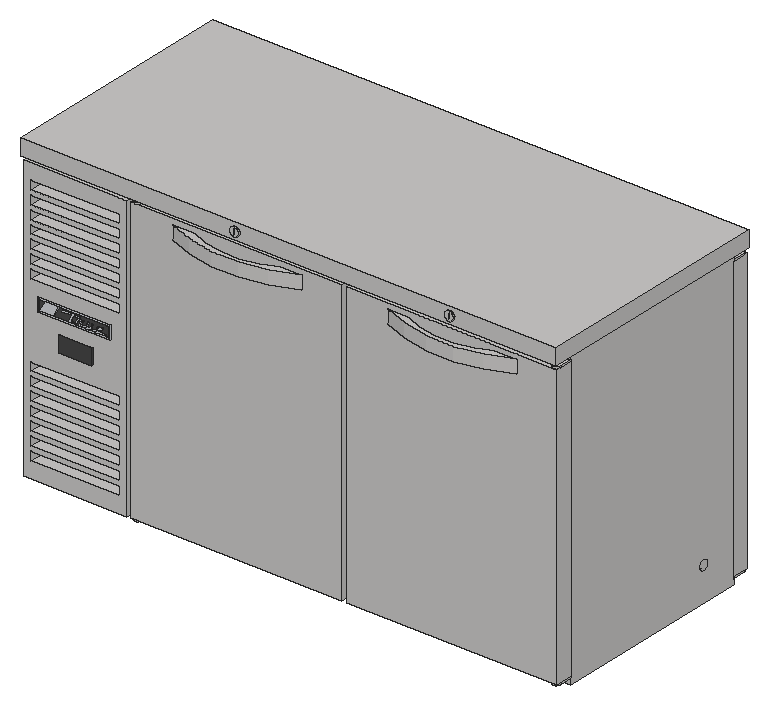
Revit family "QF_TRUE_TBR60-PTSZ1-L-B-SS-SS-1", category Specialty Equipment, Revit 2016
Family settings
  Part Type = Normal
  Round Connector Dimension = Use Diameter
  Work Plane-Based = No
  Always vertical = Yes
  Cut with Voids When Loaded = No
  Shared = No
  Room Calculation Point = No
Parameters
  Weight in Pounds = 0
  Watts = if(Phase = 3, Volts * FL Amps * 1.73, Volts * FL Amps)  # 0 W
  Waste Water Discharge Temperature = 0 °F
  Volts = 0 V
  URL Cutsheet = ""
  Steam Supply Volume = 0 GPM
  Steam Supply Size = 0"
  Steam Supply RI Height = 0"
  Steam Supply Minimum Pressure = 0.00 psi
  Steam Supply Maximum Pressure = 0.00 psi
  Steam Supply Connection Height = 0"
  Specification by User = ""
  Specification by Manufacturer = ""
  Show Logo [instance] = yes
  Show Clearance [instance] = yes
  Serial Number = ""
  Seismic Rating = ""
  SMACNA No = ""
  Revision Code = ""
  Plumbing Remarks = ""
  Plumbing Connection Type = ""
  Phase = 1
  Number of Poles = 1
  NAFEM Spec ID Number = ""
  Model = "TBR60-PTSZ1-L-B-SS-SS-1"
  Min Ckt Ampacity = 0 A
  Mechanical Remarks = ""
  Mechanical Connection Type = ""
  Max Overcurrent Protection = 0 A
  Masterspec = ""
  Manufacturer = "TRUE"
  Length = 60"
  Item Number = ""
  Installed By = ""
  Indirect Waste Size = 1/2"
  Indirect Waste Flow = 0 GPM
  Indirect Waste Connection Type = ""
  Indirect Waste Connection Height = 0"
  Identify Quantity as Lot = yes
  Height = 34 11/16"
  HP = "0"
  Furnished By = ""
  Foodservice Equipment Identifier = yes
  FL Amps = 0 A
  Electrical Remarks = ""
  Electric Connection Type = ""
  Elec Conn RI Height = 0"
  Elec Conn Connection Height = 0"
  Description = "REACH-IN SINGLE REFRIGERATOR"
  Depth = 30"
  Cycle = 0 Hz
  Conn Plug = ""
  Conn Conduit = yes
  Condensate Return Size = 1/2"
  Condensate Return RI Height = 0"
  Condensate Return Connection Height = 0"
  CSI MasterFormat = ""
  Apparent Power = if(Phase = 3, Volts * FL Amps * 1.73, Volts * FL Amps)  # 0 VA
Reference planes (in)
  plane 1 "BACK": y = 0
  plane 2: z = 0
  plane 3 "LEFT": x = 0
  plane 4 "RIGHT": x = 60
  plane 5 "FRONT": y = -30
  plane 6 "TOP": z = 34.6875
  plane 7 "Center Y": x = 30
  plane 8 "Center X": y = -15
  plane 9: z = 0.78125
  plane 10: z = 32.46875
  plane 11: y = 21.1875
  plane 12: y = -28.46875
  plane 13: y = -51.1875
  plane 14: x = 24.0625
Forms (in)
  Extrusion 1, solid, material "QF_Metal - Stainless - Polished"
    sketch origin (0, -3.60936, 0) x (0, 1, 0) y (0, 0, 1)
      loop
        line (-24.85939, 34.6875) -> (-24.85939, 32.9375) -> (2.07811, 32.9375) -> (2.07811, 34.6875) -> (-24.85939, 34.6875)
    from 0 to 60
  Extrusion 2, solid, material "QF_Plastic - Black - Transparent"
    sketch origin (0.04324, -28.28125, 0) x (1, 0, 0) y (0, 0, 1)
      loop
        line (4.20676, 16.37472) -> (4.20676, 14.62472) -> (7.87863, 14.62472) -> (7.87863, 16.37472) -> (4.20676, 16.37472)
    from 0 to 0.125
  Extrusion 3, solid, material "QF_Metal - Stainless - Polished"
    sketch origin (0, -7.21873, 0) x (1, 0, 0) y (0, 1, 0)
      loop
        circle (16.75, -1.34377) r 0.5
      loop
        circle (52.25, -0.71877) r 0.5
    from 0 to 0.125
  Extrusion 4, solid, material "QF_Metal - Stainless - Polished"
    sketch origin (60, -3.60936, 0) x (0, 0, 1) y (0, -1, 0)
      loop
        circle (3.9375, 4.32814) r 0.5
    from 0 to 0.125
  Extrusion 5, solid, material "QF_Metal - Stainless - Polished"
    sketch origin (31.25, -26.38176, 32.46875) x (1, 0, 0) y (0, 1, 0)
      loop
        arc (-19, -1.45442) -> (-18.62072, -1.8946) -> (-18.12932, -1.58454) r 0.44506
        line (-18.12932, -1.58454) -> (-17.64487, 0) -> (-19, 0) -> (-19, -1.45442)
    from 0 to 0.125
  Extrusion 6, solid, material "QF_Metal - Stainless - Polished"
    sketch origin (48.25, -26.38176, 0.78125) x (0, 1, 0) y (1, 0, 0)
      loop
        line (-1.45442, -36) -> (0, -36) -> (0, -34.64487) -> (-1.58454, -35.12932)
        arc (-1.58454, -35.12932) -> (-1.8946, -35.62072) -> (-1.45442, -36) r 0.44506
    from 0 to 0.125
  Extrusion 7, solid, material "QF_Metal - Stainless - Polished"
    sketch origin (41, -26.38176, 32.46875) x (-1, 0, 0) y (0, -1, 0)
      loop
        line (-19, 1.45442) -> (-19, 0) -> (-17.64487, 0) -> (-18.12932, 1.58454)
        arc (-18.12932, 1.58454) -> (-18.62072, 1.8946) -> (-19, 1.45442) r 0.44506
    from 0 to 0.125
  Extrusion 8, solid, material "QF_Metal - Stainless - Polished"
    sketch origin (24, -26.38176, 0.78125) x (0, -1, 0) y (-1, 0, 0)
      loop
        arc (1.45442, -36) -> (1.8946, -35.62072) -> (1.58454, -35.12932) r 0.44506
        line (1.58454, -35.12932) -> (0, -34.64487) -> (0, -36) -> (1.45442, -36)
    from 0 to 0.125
  Extrusion 9, solid, material "QF_Metal - Stainless - Polished"
    sketch origin (0, -26.39063, 0.03125) x (1, 0, 0) y (0, 0, 1)
      loop
        line (12.25, 0.75) -> (35.875, 0.75) -> (35.875, 32.4375) -> (12.25, 32.4375) -> (12.25, 0.75)
      loop
        line (60, 0.75) -> (60, 32.4375) -> (36.375, 32.4375) -> (36.375, 0.75) -> (60, 0.75)
    from -0.01563 to 1.89062
  Extrusion 10, solid, material "QF_Door-Drawer Clearances", visible <- "Show Clearance", detail levels coarse
    sketch origin (48.375, -26.35936, 0.8125) x (0, 1, 0) y (1, 0, 0)
      loop
        line (-1.92189, 11.625) -> (-24.82814, 11.625)
        arc (-24.82814, 11.625) -> (-18.1487, -4.81596) -> (-1.92189, -12) r 23.68133
        line (-1.92189, -12) -> (-1.92189, 11.625)
      loop
        line (-1.92189, -36.125) -> (-1.92189, -12.5)
        arc (-1.92189, -12.5) -> (-18.1487, -19.68404) -> (-24.82814, -36.125) r 23.68133
        line (-24.82814, -36.125) -> (-1.92189, -36.125)
    from 0.03125 to -31.65625
  Extrusion 11, solid, material "QF_Metal - Stainless - Polished"
    sketch origin (29.40625, -26.35936, 32.5) x (-1, 0, 0) y (0, -1, 0)
      loop
        arc (12.48111, 1.92189) -> (5.25, 3.64064) -> (-1.98111, 1.92189) r 16.0707
        line (-1.98111, 1.92189) -> (0.28781, 1.92189)
        arc (0.28781, 1.92189) -> (5.25, 3.15287) -> (10.21219, 1.92189) r 10.61701
        line (10.21219, 1.92189) -> (12.48111, 1.92189)
    from -2.11784 to -0.60631
  Extrusion 12, solid, material "QF_Metal - Stainless - Polished"
    sketch origin (53.46875, -26.35936, 32.5) x (-1, 0, 0) y (0, -1, 0)
      loop
        arc (12.48111, 1.92189) -> (5.25, 3.64063) -> (-1.98111, 1.92189) r 16.07078
        line (-1.98111, 1.92189) -> (0.28781, 1.92189)
        arc (0.28781, 1.92189) -> (5.25, 3.15287) -> (10.21219, 1.92189) r 10.61701
        line (10.21219, 1.92189) -> (12.48111, 1.92189)
    from -2.11784 to -0.60631
  Extrusion 13, solid, material "QF_Metal - Stainless - Polished"
    sketch origin (0, -26.39063, 0) x (1, 0, 0) y (0, 0, 1)
      loop
        line (0.20313, 0.78125) -> (11.79688, 0.78125) -> (11.79688, 32.46875) -> (0.20313, 32.46875) -> (0.20313, 0.78125)
      loop
        line (1.03906, 30.81709) -> (1.03906, 29.81709) -> (10.96094, 29.81709) -> (10.96094, 30.81709) -> (1.03906, 30.81709)
      loop
        line (1.03906, 29.31709) -> (1.03906, 28.31709) -> (10.96094, 28.31709) -> (10.96094, 29.31709) -> (1.03906, 29.31709)
      loop
        line (1.03906, 27.81709) -> (1.03906, 26.81709) -> (10.96094, 26.81709) -> (10.96094, 27.81709) -> (1.03906, 27.81709)
      loop
        line (1.03906, 26.31709) -> (1.03906, 25.31709) -> (10.96094, 25.31709) -> (10.96094, 26.31709) -> (1.03906, 26.31709)
      loop
        line (1.03906, 24.81709) -> (1.03906, 23.81709) -> (10.96094, 23.81709) -> (10.96094, 24.81709) -> (1.03906, 24.81709)
      loop
        line (1.03906, 21.81709) -> (1.03906, 20.81709) -> (10.96094, 20.81709) -> (10.96094, 21.81709) -> (1.03906, 21.81709)
      loop
        line (1.03906, 23.31709) -> (1.03906, 22.31709) -> (10.96094, 22.31709) -> (10.96094, 23.31709) -> (1.03906, 23.31709)
      loop
        line (1.03906, 12.56709) -> (1.03906, 11.56709) -> (10.96094, 11.56709) -> (10.96094, 12.56709) -> (1.03906, 12.56709)
      loop
        line (1.03906, 11.06709) -> (1.03906, 10.06709) -> (10.96094, 10.06709) -> (10.96094, 11.06709) -> (1.03906, 11.06709)
      loop
        line (1.03906, 9.56709) -> (1.03906, 8.56709) -> (10.96094, 8.56709) -> (10.96094, 9.56709) -> (1.03906, 9.56709)
      loop
        line (1.03906, 8.06709) -> (1.03906, 7.06709) -> (10.96094, 7.06709) -> (10.96094, 8.06709) -> (1.03906, 8.06709)
      loop
        line (1.03906, 6.56709) -> (1.03906, 5.56709) -> (10.96094, 5.56709) -> (10.96094, 6.56709) -> (1.03906, 6.56709)
      loop
        line (1.03906, 3.56709) -> (1.03906, 2.56709) -> (10.96094, 2.56709) -> (10.96094, 3.56709) -> (1.03906, 3.56709)
      loop
        line (1.03906, 5.06709) -> (1.03906, 4.06709) -> (10.96094, 4.06709) -> (10.96094, 5.06709) -> (1.03906, 5.06709)
    from -0.01563 to 1.89062
  Extrusion 14, solid, material "QF_Metal - Stainless - Polished"
    sketch origin (0, -3.59374, 0) x (1, 0, 0) y (0, 0, 1)
      loop
        line (59, 0.78125) -> (59, 32.46875) -> (12.25, 32.46875) -> (12.25, 0.78125) -> (59, 0.78125)
      loop
        line (60, 32.9375) -> (0, 32.9375) -> (0, 0) -> (60, 0) -> (60, 32.9375)
    from 0.03126 to 22.78126
  Extrusion 15, solid, material "QF_Metal - Stainless - Polished"
    sketch origin (31.25, -3.61824, 32.46875) x (1, 0, 0) y (0, 1, 0)
      loop
        line (-19, 1.45442) -> (-19, 0) -> (-17.64487, 0) -> (-18.12932, 1.58454)
        arc (-18.12932, 1.58454) -> (-18.62072, 1.8946) -> (-19, 1.45442) r 0.44506
    from 0 to 0.125
  Extrusion 16, solid, material "QF_Metal - Stainless - Polished"
    sketch origin (48.25, -3.61824, 0.78125) x (0, 1, 0) y (1, 0, 0)
      loop
        arc (1.45442, -36) -> (1.8946, -35.62072) -> (1.58454, -35.12932) r 0.44506
        line (1.58454, -35.12932) -> (0, -34.64487) -> (0, -36) -> (1.45442, -36)
    from 0 to 0.125
  Extrusion 17, solid, material "QF_Metal - Stainless - Polished"
    sketch origin (41, -3.61824, 32.46875) x (-1, 0, 0) y (0, -1, 0)
      loop
        arc (-19, -1.45442) -> (-18.62072, -1.8946) -> (-18.12932, -1.58454) r 0.44506
        line (-18.12932, -1.58454) -> (-17.64487, 0) -> (-19, 0) -> (-19, -1.45442)
    from 0 to 0.125
  Extrusion 18, solid, material "QF_Metal - Stainless - Polished"
    sketch origin (24, -3.61824, 0.78125) x (0, -1, 0) y (-1, 0, 0)
      loop
        line (-1.45442, -36) -> (0, -36) -> (0, -34.64487) -> (-1.58454, -35.12932)
        arc (-1.58454, -35.12932) -> (-1.8946, -35.62072) -> (-1.45442, -36) r 0.44506
    from 0 to 0.125
  Extrusion 19, solid, material "QF_Metal - Stainless - Polished"
    sketch origin (0, -3.60937, 0.03125) x (1, 0, 0) y (0, 0, -1)
      loop
        line (12.25, -0.75) -> (12.25, -32.4375) -> (35.875, -32.4375) -> (35.875, -0.75) -> (12.25, -0.75)
      loop
        line (60, -0.75) -> (36.375, -0.75) -> (36.375, -32.4375) -> (60, -32.4375) -> (60, -0.75)
    from -0.01563 to 1.89062
  Extrusion 20, solid, material "QF_Metal - Stainless - Polished"
    sketch origin (29.40625, -3.64064, 32.5) x (-1, 0, 0) y (0, -1, 0)
      loop
        line (12.48111, -1.92189) -> (10.21219, -1.92189)
        arc (10.21219, -1.92189) -> (5.25, -3.15287) -> (0.28781, -1.92189) r 10.61701
        line (0.28781, -1.92189) -> (-1.98111, -1.92189)
        arc (-1.98111, -1.92189) -> (5.25, -3.64064) -> (12.48111, -1.92189) r 16.0707
    from -2.11784 to -0.60631
  Extrusion 21, solid, material "QF_Metal - Stainless - Polished"
    sketch origin (53.46875, -3.64064, 32.5) x (-1, 0, 0) y (0, -1, 0)
      loop
        line (12.48111, -1.92189) -> (10.21219, -1.92189)
        arc (10.21219, -1.92189) -> (5.25, -3.15287) -> (0.28781, -1.92189) r 10.61701
        line (0.28781, -1.92189) -> (-1.98111, -1.92189)
        arc (-1.98111, -1.92189) -> (5.25, -3.64063) -> (12.48111, -1.92189) r 16.07078
    from -2.11784 to -0.60631
  Extrusion 22, solid, material "QF_Metal - Stainless - Polished"
    sketch origin (0, -3.60937, 0) x (1, 0, 0) y (0, 0, -1)
      loop
        line (0.20313, -0.78125) -> (0.20313, -32.46875) -> (11.79688, -32.46875) -> (11.79688, -0.78125) -> (0.20313, -0.78125)
      loop
        line (1.03906, -30.81709) -> (10.96094, -30.81709) -> (10.96094, -29.81709) -> (1.03906, -29.81709) -> (1.03906, -30.81709)
      loop
        line (1.03906, -29.31709) -> (10.96094, -29.31709) -> (10.96094, -28.31709) -> (1.03906, -28.31709) -> (1.03906, -29.31709)
      loop
        line (1.03906, -27.81709) -> (10.96094, -27.81709) -> (10.96094, -26.81709) -> (1.03906, -26.81709) -> (1.03906, -27.81709)
      loop
        line (1.03906, -26.31709) -> (10.96094, -26.31709) -> (10.96094, -25.31709) -> (1.03906, -25.31709) -> (1.03906, -26.31709)
      loop
        line (1.03906, -24.81709) -> (10.96094, -24.81709) -> (10.96094, -23.81709) -> (1.03906, -23.81709) -> (1.03906, -24.81709)
      loop
        line (1.03906, -21.81709) -> (10.96094, -21.81709) -> (10.96094, -20.81709) -> (1.03906, -20.81709) -> (1.03906, -21.81709)
      loop
        line (1.03906, -23.31709) -> (10.96094, -23.31709) -> (10.96094, -22.31709) -> (1.03906, -22.31709) -> (1.03906, -23.31709)
      loop
        line (1.03906, -12.56709) -> (10.96094, -12.56709) -> (10.96094, -11.56709) -> (1.03906, -11.56709) -> (1.03906, -12.56709)
      loop
        line (1.03906, -11.06709) -> (10.96094, -11.06709) -> (10.96094, -10.06709) -> (1.03906, -10.06709) -> (1.03906, -11.06709)
      loop
        line (1.03906, -9.56709) -> (10.96094, -9.56709) -> (10.96094, -8.56709) -> (1.03906, -8.56709) -> (1.03906, -9.56709)
      loop
        line (1.03906, -8.06709) -> (10.96094, -8.06709) -> (10.96094, -7.06709) -> (1.03906, -7.06709) -> (1.03906, -8.06709)
      loop
        line (1.03906, -6.56709) -> (10.96094, -6.56709) -> (10.96094, -5.56709) -> (1.03906, -5.56709) -> (1.03906, -6.56709)
      loop
        line (1.03906, -3.56709) -> (10.96094, -3.56709) -> (10.96094, -2.56709) -> (1.03906, -2.56709) -> (1.03906, -3.56709)
      loop
        line (1.03906, -5.06709) -> (10.96094, -5.06709) -> (10.96094, -4.06709) -> (1.03906, -4.06709) -> (1.03906, -5.06709)
    from -0.01563 to 1.89062
  Extrusion 23, solid, material "QF_Metal - Stainless - Polished"
    sketch origin (0.20313, -3.60937, 0.78125) x (0, -1, 0) y (-1, 0, 0)
      loop
        circle (-0.9375, -5.79688) r 0.25
    from 0 to 0.25
  Extrusion 24, solid, material "QF_Door-Drawer Clearances", visible <- "Show Clearance", detail levels coarse
    sketch origin (48.375, -3.64064, 0.8125) x (0, 1, 0) y (1, 0, 0)
      loop
        line (1.92189, 11.625) -> (1.92189, -12)
        arc (1.92189, -12) -> (18.1487, -4.81596) -> (24.82814, 11.625) r 23.68133
        line (24.82814, 11.625) -> (1.92189, 11.625)
      loop
        line (1.92189, -36.125) -> (24.82814, -36.125)
        arc (24.82814, -36.125) -> (18.1487, -19.68404) -> (1.92189, -12.5) r 23.68133
        line (1.92189, -12.5) -> (1.92189, -36.125)
    from 0.03125 to -31.65625
  Extrusion 25, solid, material "QF_Metal - Stainless - Polished"
    sketch origin (1.875, -28.46875, 34.4375) x (0, 0, 1) y (-1, 0, 0)
      loop
        circle (-0.65572, -22.1875) r 0.5
      loop
        line (-0.32569, -22.12487) -> (-0.96744, -22.12487) -> (-0.96744, -22.26457) -> (-0.32569, -22.26457) -> (-0.32569, -22.12487)
    from 0 to 0.125
  Extrusion 26, solid, material "QF_Metal - Stainless - Polished"
    sketch origin (25.9375, -28.46875, 34.4375) x (0, 0, 1) y (-1, 0, 0)
      loop
        circle (-0.65572, -22.1875) r 0.5
      loop
        line (-0.32569, -22.12487) -> (-0.96744, -22.12487) -> (-0.96744, -22.26457) -> (-0.32569, -22.26457) -> (-0.32569, -22.12487)
    from 0 to 0.125
  Extrusion 27, solid, material "QF_Metal - Stainless - Polished"
    sketch origin (0, -1.53125, 34.6875) x (0, 0, -1) y (-1, 0, 0)
      loop
        circle (0.90572, -24.0625) r 0.5
      loop
        line (0.57569, -23.99987) -> (0.57569, -24.13957) -> (1.21744, -24.13957) -> (1.21744, -23.99987) -> (0.57569, -23.99987)
    from 0 to 0.125
  Extrusion 28, solid, material "QF_Metal - Stainless - Polished"
    sketch origin (0, -1.53125, 34.6875) x (0, 0, -1) y (-1, 0, 0)
      loop
        circle (0.90572, -48.125) r 0.5
      loop
        line (0.57569, -48.06237) -> (0.57569, -48.20207) -> (1.21744, -48.20207) -> (1.21744, -48.06237) -> (0.57569, -48.06237)
    from 0 to 0.125
Lines and regions (in)
  Split face 1
    outline origin (0, -26.375, 0) x (1, 0, 0) y (0, 0, 1)
      loop
        line (1.03906, 30.81709) -> (1.03906, 2.56709) -> (10.96094, 2.56709) -> (10.96094, 30.81709) -> (1.03906, 30.81709)
  Split face 2
    outline origin (0, -3.625, 0) x (1, 0, 0) y (0, 0, 1)
      loop
        line (10.96094, 30.81709) -> (1.03906, 30.81709) -> (1.03906, 2.56709) -> (10.96094, 2.56709) -> (10.96094, 30.81709)
  symbolic lines
    curve 1: line (0, -28.46875, 0) -> (0, -1.53125, 0)
    curve 2: line (60, -28.46875, 0) -> (0, -28.46875, 0)
    curve 3: line (60, -1.53125, 0) -> (60, -28.46875, 0)
    curve 4: arc (17.30995, -28.46875, 0) -> (24.15625, -30, 0) -> (31.00255, -28.46875, 0) r 16.0707
    curve 5: arc (28.74629, -28.46875, 0) -> (24.15625, -29.51223, 0) -> (19.56621, -28.46875, 0) r 10.61701
    curve 6: arc (41.37247, -28.46875, 0) -> (48.21875, -29.99999, 0) -> (55.06503, -28.46875, 0) r 16.0707
    curve 7: arc (52.80877, -28.46875, 0) -> (48.21875, -29.51222, 0) -> (43.62873, -28.46875, 0) r 10.61701
    curve 8: arc (17.24395, -1.56251, 0) -> (24.15625, 0, 0) -> (31.06855, -1.56251, 0) r 16.0707
    curve 9: arc (28.81092, -1.56251, 0) -> (24.15625, -0.48777, 0) -> (19.50158, -1.56251, 0) r 10.61701
    curve 10: arc (41.30647, -1.56251, 0) -> (48.21875, -0.00001, 0) -> (55.13103, -1.56251, 0) r 16.0707
    curve 11: arc (52.8734, -1.56251, 0) -> (48.21875, -0.48778, 0) -> (43.5641, -1.56251, 0) r 10.61701
    curve 20: line (0, -1.53125, 0) -> (60, -1.53125, 0)
  symbolic lines, style "QF_Door-Drawer Clearances"
    curve 12: line (12.25, -28.46875, 0) -> (32.29706, -40.04292, 0)
    curve 13: arc (35.86812, -28.46875, 0) -> (34.83509, -34.48801, 0) -> (32.29706, -40.04292, 0) r 23.68133
    curve 14: line (60, -28.46875, 0) -> (39.95294, -40.04292, 0)
    curve 15: arc (39.95294, -40.04292, 0) -> (37.41491, -34.48801, 0) -> (36.38188, -28.46875, 0) r 23.68133
    curve 16: line (12.25, -1.53125, 0) -> (32.29706, 10.04292, 0)
    curve 17: arc (35.86812, -1.53125, 0) -> (34.83509, 4.48801, 0) -> (32.29706, 10.04292, 0) r 23.68133
    curve 18: line (60, -1.53125, 0) -> (39.95294, 10.04292, 0)
    curve 19: arc (39.95294, 10.04292, 0) -> (37.41491, 4.48801, 0) -> (36.38188, -1.53125, 0) r 23.68133
Dimensions and locks (in)
  equal spacing: plane 3 "LEFT", plane 7 "Center Y", plane 4 "RIGHT"
  "Length": plane 3 "LEFT" to plane 4 "RIGHT"
  equal spacing: plane 5 "FRONT", plane 8 "Center X", plane 1 "BACK"
  "Depth": plane 5 "FRONT" to plane 1 "BACK"
  "Height": plane 6 "TOP" to level
  plane 3 "LEFT" to plane 4 "RIGHT" = 60"
  plane 5 "FRONT" to plane 1 "BACK" = 30"
  plane 9 to level = 25/32"
  plane 6 "TOP" to plane 10 = 2 7/32"
  plane 10 to plane 9 = 31 11/16"
  Extrusion 9 to Extrusion 19 = 26 9/16"
  Extrusion 4 sketch curve to level = 3 15/16"
  Extrusion 4 sketch curve to Extrusion 19 = 4 5/16"
  Extrusion 1 to Extrusion 3 sketch curve = 6 13/32"
  Extrusion 3 sketch curve to plane 4 "RIGHT" = 7 3/4"
  plane 3 "LEFT" to Extrusion 3 sketch curve = 16 3/4"
  Extrusion 1 to Extrusion 3 sketch curve = 7 1/32"
  plane 12 to plane 13 = 22 23/32"
  aligned and locked: level to plane 2
Automatic sketch dimensions
  curve 1 to plane 3 "LEFT" = 0"
  curve 12 to plane 12 = 0"
  curve 18 to plane 4 "RIGHT" = 0"
  plane 12 to curve 13 = 0.96254"
  plane 14 to curve 13 = 11.85615"
  plane 1 "BACK" to curve 17 = 2.49379"
  plane 14 to curve 17 = 11.85615"
  curve 4 to plane 14 = 3/32"
  curve 5 to plane 14 = 3/32"
  curve 9 to plane 14 = 3/32"
  curve 8 to plane 14 = 3/32"
  plane 7 "Center Y" to curve 16 = 2.29706"
  plane 7 "Center Y" to curve 12 = 2.29706"
  curve 17 to curve 18 = 7.65589"
  curve 13 to curve 14 = 7.65589"
  curve 7 to plane 8 "Center X" = 3.89521"
  plane 4 "RIGHT" to curve 7 = 11 25/32"
  curve 10 to plane 8 "Center X" = 1.07071"
  curve 10 to curve 7 = 0"
  plane 8 "Center X" to curve 6 = 1.07071"
  curve 6 to curve 10 = 0"
  curve 11 to curve 6 = 0"
  curve 19 to plane 4 "RIGHT" = 0.04365"
  curve 15 to plane 4 "RIGHT" = 0.04365"
  plane 5 "FRONT" to curve 14 = 10.04292"
  curve 12 to curve 15 = 0"
  plane 12 to curve 15 = 0.96254"
  curve 5 to plane 8 "Center X" = 3.89522"
  curve 8 to plane 8 "Center X" = 1.0707"
  plane 8 "Center X" to curve 4 = 1.0707"
  curve 6 to curve 11 = 2.8245"
  curve 4 to curve 9 = 2.82452"
  plane 1 "BACK" to curve 19 = 2.49379"
  plane 1 "BACK" to curve 20 = 1 17/32"
  curve 16 to plane 1 "BACK" = 10.04292"
  curve 17 to curve 18 = 0"
  curve 13 to curve 12 = 0.04365"
  curve 17 to curve 16 = 0.04365"
  plane 1 "BACK" to curve 8 = 1 9/16"
  curve 16 to curve 8 = 4.99395"
  curve 12 to curve 4 = 5.05995"
  curve 8 to curve 9 = 2.25762"
  curve 4 to curve 5 = 2.25626"
  curve 9 to plane 7 "Center Y" = 1.18908"
  plane 7 "Center Y" to curve 8 = 1.06855"
  plane 1 "BACK" to curve 10 = 1 9/16"  (x2)
  curve 19 to curve 10 = 4.92459"
  curve 15 to curve 6 = 4.99059"
  curve 10 to curve 11 = 2.25762"
  curve 6 to curve 7 = 2.25626"
  plane 1 "BACK" to curve 11 = 1 9/16"
  plane 4 "RIGHT" to curve 11 = 7.1266"
  plane 1 "BACK" to curve 9 = 1 9/16"
  Extrusion 1 sketch curve to plane 12 = 0"
  Extrusion 1 sketch curve to plane 6 "TOP" = 0"
  plane 10 to Extrusion 1 sketch curve = 15/32"
  plane 1 "BACK" to Extrusion 1 sketch curve = 1 17/32"
  plane 3 "LEFT" to Extrusion 2 sketch curve = 4 1/4"
  Extrusion 2 sketch curve to Extrusion 2 sketch curve = 3 43/64"
  plane 9 to Extrusion 2 sketch curve = 13.84347"
  Extrusion 2 sketch curve to Extrusion 2 sketch curve = 1 3/4"
  plane 12 to Extrusion 5 sketch curve = 0.63256"
  plane 14 to Extrusion 5 sketch curve = 11 13/16"
  Extrusion 5 sketch curve to Extrusion 5 sketch curve = 0.44506"
  plane 12 to Extrusion 5 sketch curve = 0.50244"
  Extrusion 5 sketch curve to Extrusion 5 sketch curve = 1.35513"
  Extrusion 5 sketch curve to Extrusion 5 sketch curve = 1.45442"
  plane 12 to Extrusion 6 sketch curve = 0.50244"
  plane 12 to Extrusion 6 sketch curve = 0.63256"
  Extrusion 6 sketch curve to Extrusion 6 sketch curve = 1.45442"
  plane 14 to Extrusion 6 sketch curve = 10.45737"
  Extrusion 6 sketch curve to Extrusion 6 sketch curve = 0.48444"
  Extrusion 6 sketch curve to Extrusion 6 sketch curve = 0.42562"
  Extrusion 7 sketch curve to plane 4 "RIGHT" = 0"
  plane 4 "RIGHT" to Extrusion 7 sketch curve = 0.44506"
  plane 12 to Extrusion 7 sketch curve = 0.50244"
  Extrusion 7 sketch curve to Extrusion 7 sketch curve = 0.42562"
  plane 4 "RIGHT" to Extrusion 7 sketch curve = 1.35513"
  Extrusion 7 sketch curve to Extrusion 7 sketch curve = 1.45442"
  Extrusion 8 sketch curve to plane 4 "RIGHT" = 0"
  plane 12 to Extrusion 8 sketch curve = 2.08699"
  plane 12 to Extrusion 8 sketch curve = 0.63256"
  Extrusion 8 sketch curve to Extrusion 8 sketch curve = 0.13012"
  plane 4 "RIGHT" to Extrusion 8 sketch curve = 0.44506"
  plane 4 "RIGHT" to Extrusion 8 sketch curve = 1.35513"
  Extrusion 9 sketch curve to plane 10 = 0"  (x2)
  Extrusion 9 sketch curve to plane 9 = 0"  (x2)
  plane 4 "RIGHT" to Extrusion 9 sketch curve = 0"
  plane 7 "Center Y" to Extrusion 9 sketch curve = 6 3/8"
  Extrusion 9 sketch curve to Extrusion 9 sketch curve = 1/2"
  plane 14 to Extrusion 9 sketch curve = 11 13/16"
  Extrusion 10 sketch curve to plane 13 = 0"  (x2)
  Extrusion 10 sketch curve to plane 4 "RIGHT" = 0"
  plane 12 to Extrusion 10 sketch curve = 3/16"  (x2)
  Extrusion 10 sketch curve to Extrusion 10 sketch curve = 0.77504"  (x2)
  Extrusion 10 sketch curve to plane 4 "RIGHT" = 0.04365"
  Extrusion 10 sketch curve to Extrusion 10 sketch curve = 1/2"
  plane 14 to Extrusion 10 sketch curve = 11 13/16"
  plane 12 to Extrusion 11 sketch curve = 3/16"  (x2)
  plane 7 "Center Y" to Extrusion 11 sketch curve = 1.38736"
  Extrusion 11 sketch curve to plane 7 "Center Y" = 0.88156"
  Extrusion 11 sketch curve to plane 14 = 3/32"  (x2)
  Extrusion 11 sketch curve to plane 8 "Center X" = 3.89522"
  plane 8 "Center X" to Extrusion 11 sketch curve = 1.0707"
  plane 12 to Extrusion 12 sketch curve = 3/16"  (x2)
  plane 4 "RIGHT" to Extrusion 12 sketch curve = 4.55014"
  Extrusion 12 sketch curve to Extrusion 12 sketch curve = 2.26892"
  Extrusion 12 sketch curve to plane 8 "Center X" = 3.89522"
  Extrusion 12 sketch curve to Extrusion 12 sketch curve = 4.96219"
  plane 8 "Center X" to Extrusion 12 sketch curve = 1.07079"
  Extrusion 12 sketch curve to Extrusion 12 sketch curve = 0"
  Extrusion 13 sketch curve to plane 10 = 0"
  Extrusion 13 sketch curve to plane 9 = 0"
  plane 3 "LEFT" to Extrusion 13 sketch curve = 13/64"
  plane 3 "LEFT" to Extrusion 13 sketch curve = 1 5/128"  (x4)
  Extrusion 13 sketch curve to Extrusion 13 sketch curve = 0"  (x23)
  Extrusion 13 sketch curve to Extrusion 13 sketch curve = 9 59/64"
  Extrusion 13 sketch curve to Extrusion 13 sketch curve = 107/128"
  plane 9 to Extrusion 13 sketch curve = 1.78584"
  Extrusion 13 sketch curve to Extrusion 13 sketch curve = 1"  (x14)
  Extrusion 13 sketch curve to Extrusion 13 sketch curve = 1/2"  (x12)
  Extrusion 13 sketch curve to Extrusion 13 sketch curve = 8 1/4"
  Extrusion 14 sketch curve to plane 3 "LEFT" = 0"
  Extrusion 14 sketch curve to plane 10 = 0"
  Extrusion 14 sketch curve to plane 9 = 0"
  plane 4 "RIGHT" to Extrusion 14 sketch curve = 0"
  Extrusion 14 sketch curve to level = 0"
  plane 14 to Extrusion 14 sketch curve = 11 13/16"
  plane 4 "RIGHT" to Extrusion 14 sketch curve = 1"
  plane 10 to Extrusion 14 sketch curve = 15/32"
  Split face 1 sketch curve to Extrusion 14 = 1 5/128"
  Split face 1 sketch curve to Extrusion 14 = 1 37/128"
  Extrusion 14 to Split face 1 sketch curve = 1.78584"
  Extrusion 14 to Split face 1 sketch curve = 1.65166"
  plane 1 "BACK" to Extrusion 15 sketch curve = 2.16381"
  plane 14 to Extrusion 15 sketch curve = 11 13/16"
  Extrusion 15 sketch curve to Extrusion 15 sketch curve = 0.44506"
  plane 1 "BACK" to Extrusion 15 sketch curve = 2.03369"
  Extrusion 15 sketch curve to Extrusion 15 sketch curve = 1.35513"
  Extrusion 15 sketch curve to Extrusion 15 sketch curve = 1.45442"
  plane 1 "BACK" to Extrusion 16 sketch curve = 3.61824"
  Extrusion 16 sketch curve to Extrusion 16 sketch curve = 1.45442"
  Extrusion 16 sketch curve to Extrusion 16 sketch curve = 0.13012"
  plane 14 to Extrusion 16 sketch curve = 10.45737"
  Extrusion 16 sketch curve to Extrusion 16 sketch curve = 0.48444"
  Extrusion 16 sketch curve to Extrusion 16 sketch curve = 0.42562"
  Extrusion 17 sketch curve to plane 4 "RIGHT" = 0"
  plane 4 "RIGHT" to Extrusion 17 sketch curve = 0.44506"
  Extrusion 17 sketch curve to Extrusion 17 sketch curve = 0.42562"
  plane 4 "RIGHT" to Extrusion 17 sketch curve = 1.35513"
  plane 1 "BACK" to Extrusion 17 sketch curve = 2.03369"
  Extrusion 17 sketch curve to Extrusion 17 sketch curve = 1.45442"
  Extrusion 18 sketch curve to plane 4 "RIGHT" = 0"
  plane 4 "RIGHT" to Extrusion 18 sketch curve = 0.87068"
  plane 1 "BACK" to Extrusion 18 sketch curve = 2.03369"
  Extrusion 18 sketch curve to Extrusion 18 sketch curve = 0.13012"
  Extrusion 18 sketch curve to Extrusion 18 sketch curve = 1.45442"
  plane 4 "RIGHT" to Extrusion 18 sketch curve = 1.35513"
  Extrusion 19 sketch curve to plane 10 = 0"  (x2)
  Extrusion 19 sketch curve to plane 9 = 0"  (x2)
  plane 4 "RIGHT" to Extrusion 19 sketch curve = 0"
  plane 7 "Center Y" to Extrusion 19 sketch curve = 6 3/8"
  Extrusion 19 sketch curve to Extrusion 19 sketch curve = 1/2"
  plane 14 to Extrusion 19 sketch curve = 11 13/16"
  plane 7 "Center Y" to Extrusion 20 sketch curve = 1.38736"
  Extrusion 20 sketch curve to plane 7 "Center Y" = 0.88156"
  Extrusion 20 sketch curve to plane 14 = 3/32"  (x2)
  plane 1 "BACK" to Extrusion 20 sketch curve = 1 23/32"
  plane 14 to Extrusion 20 sketch curve = 4.86844"
  plane 8 "Center X" to Extrusion 20 sketch curve = 3.89522"
  Extrusion 20 sketch curve to plane 8 "Center X" = 1.0707"
  plane 1 "BACK" to Extrusion 21 sketch curve = 1 23/32"  (x2)
  plane 4 "RIGHT" to Extrusion 21 sketch curve = 4.55014"
  Extrusion 21 sketch curve to Extrusion 21 sketch curve = 2.26892"
  plane 8 "Center X" to Extrusion 21 sketch curve = 3.89522"
  Extrusion 21 sketch curve to Extrusion 21 sketch curve = 4.96219"
  Extrusion 21 sketch curve to plane 8 "Center X" = 1.07079"
  Extrusion 21 sketch curve to Extrusion 21 sketch curve = 0"
  Extrusion 22 sketch curve to plane 10 = 0"
  Extrusion 22 sketch curve to plane 9 = 0"
  plane 3 "LEFT" to Extrusion 22 sketch curve = 13/64"
  plane 3 "LEFT" to Extrusion 22 sketch curve = 1 5/128"  (x4)
  Extrusion 22 sketch curve to Extrusion 22 sketch curve = 0"  (x23)
  Extrusion 22 sketch curve to Extrusion 22 sketch curve = 9 59/64"
  Extrusion 22 sketch curve to Extrusion 22 sketch curve = 107/128"
  Extrusion 22 sketch curve to plane 10 = 1.65166"
  Extrusion 22 sketch curve to Extrusion 22 sketch curve = 1"  (x14)
  Extrusion 22 sketch curve to Extrusion 22 sketch curve = 1/2"  (x12)
  Extrusion 22 sketch curve to Extrusion 22 sketch curve = 8 1/4"
  Split face 2 sketch curve to Extrusion 14 = 1 5/128"
  Split face 2 sketch curve to Extrusion 14 = 1 37/128"
  Extrusion 14 to Split face 2 sketch curve = 1.78584"
  Extrusion 14 to Split face 2 sketch curve = 1.65166"
  Extrusion 23 sketch curve to Extrusion 22 = 61/64"
  Extrusion 23 sketch curve to Extrusion 22 = 5 51/64"
  Extrusion 24 sketch curve to plane 4 "RIGHT" = 0"
  plane 11 to Extrusion 24 sketch curve = 0"  (x2)
  plane 1 "BACK" to Extrusion 24 sketch curve = 1 23/32"  (x2)
  Extrusion 24 sketch curve to Extrusion 24 sketch curve = 0.77504"  (x2)
  Extrusion 24 sketch curve to plane 4 "RIGHT" = 0.04365"
  Extrusion 24 sketch curve to Extrusion 24 sketch curve = 1/2"
  plane 14 to Extrusion 24 sketch curve = 11 13/16"
  Extrusion 25 sketch curve to Extrusion 1 = 0.53256"
  Extrusion 25 sketch curve to Extrusion 25 sketch curve = 0.31172"
  Extrusion 25 sketch curve to Extrusion 25 sketch curve = 0.33003"
  Extrusion 1 to Extrusion 25 sketch curve = 24.13957"
  Extrusion 25 sketch curve to Extrusion 25 sketch curve = 0.07707"
  Extrusion 25 sketch curve to Extrusion 25 sketch curve = 0.1397"
  Extrusion 26 sketch curve to Extrusion 1 = 0.53256"
  Extrusion 26 sketch curve to Extrusion 26 sketch curve = 0.31172"
  Extrusion 26 sketch curve to Extrusion 26 sketch curve = 0.33003"
  Extrusion 1 to Extrusion 26 sketch curve = 11.79793"
  Extrusion 26 sketch curve to Extrusion 26 sketch curve = 0.07707"
  Extrusion 26 sketch curve to Extrusion 26 sketch curve = 0.1397"
  Extrusion 1 to Extrusion 27 sketch curve = 0.57569"
  Extrusion 27 sketch curve to Extrusion 27 sketch curve = 0.33003"
  Extrusion 27 sketch curve to Extrusion 27 sketch curve = 0.31172"
  Extrusion 1 to Extrusion 27 sketch curve = 24.13957"
  Extrusion 27 sketch curve to Extrusion 27 sketch curve = 0.07707"
  Extrusion 27 sketch curve to Extrusion 27 sketch curve = 0.1397"
  Extrusion 1 to Extrusion 28 sketch curve = 0.57569"
  Extrusion 28 sketch curve to Extrusion 28 sketch curve = 0.33003"
  Extrusion 28 sketch curve to Extrusion 28 sketch curve = 0.31172"
  Extrusion 1 to Extrusion 28 sketch curve = 11.79793"
  Extrusion 28 sketch curve to Extrusion 28 sketch curve = 0.07707"
  Extrusion 28 sketch curve to Extrusion 28 sketch curve = 0.1397"
  radius of Extrusion 3 sketch curve = 1/2"  (x2)
  radius of Extrusion 4 sketch curve = 1/2"
  radius of Extrusion 23 sketch curve = 1/4"
  radius of Extrusion 25 sketch curve = 1/2"
  radius of Extrusion 26 sketch curve = 1/2"
  radius of Extrusion 27 sketch curve = 1/2"
  radius of Extrusion 28 sketch curve = 1/2"
Nested families (in)
  nested 1: "QF_LOGO_TRUE" at (1.85445, -28.28125, 17.85445), visible <- "Show Logo", Show Logo <- "Show Logo", type "QF_LOGO_TRUE", detail levels medium+fine
    with Show Logo yes
Connectors (in)
  electrical at (6, -2.67188, 0.53125), driven by "Volts", driven by "Watts"
    settings: on Extrusion 23, index 1, voltage 0 V, apparent load 0 VA, apparent load phase1 0 VA, apparent load phase2 0 VA, apparent load phase3 0 VA, power factor 1, load classification "Other", number of poles 1, system type 30, power factor state 1, is connector primary yes, connector utility no, sub classification motor no, connector description "ELECTRICAL CONNECTION"
  piping at (16.75, -8.5625, 0), diameter 2.25
    settings: on Extrusion 3, index 2, connector inside diameter 24", connector length 0", flow factor 0, pipe flow 0 GPM, pressure drop 0.00 psi, fitting loss kfactor 0, connector angle 0.00°, fixture units 0, engagement length 0", angle of deflection 0.00°, flow configuration 1, flow direction 2, fitting loss method 0, system type 16, joint type 0, gender type 0, connector reference index -1, connector utility 0, adjustable connector no, is connector primary yes, connector description "FLOOR ACCESS"
  piping at (52.25, -7.9375, 0), diameter 0.5, driven by "Indirect Waste Flow", driven by "Indirect Waste Size"
    settings: on Extrusion 3, index 3, connector inside diameter 24", connector length 0", flow factor 0, pipe flow 0 GPM, pressure drop 0.00 psi, fitting loss kfactor 0, connector angle 0.00°, fixture units 0, engagement length 0", angle of deflection 0.00°, flow configuration 1, flow direction 2, fitting loss method 0, system type 16, joint type 0, gender type 0, connector reference index -1, connector utility 0, adjustable connector no, is connector primary no, connector description "DRAIN"
  piping at (60.125, -7.9375, 3.9375), diameter 1
    settings: on Extrusion 4, index 4, connector inside diameter 24", connector length 0", flow factor 0, pipe flow 0 GPM, pressure drop 0.00 psi, fitting loss kfactor 0, connector angle 0.00°, fixture units 0, engagement length 0", angle of deflection 0.00°, flow configuration 1, flow direction 1, fitting loss method 0, system type 7, joint type 0, gender type 0, connector reference index -1, connector utility 0, adjustable connector no, is connector primary no, connector description "CONDENSING UNIT"
Definition of nested family "QF_LOGO_TRUE"
  Parameters (values of type "QF_LOGO_TRUE")
    Show Logo [instance] = yes
  Reference planes (in)
    plane 1 "Center (Front/Back)": y = 0
    plane 2: z = 0
    plane 3 "Center (Left/Right)": x = 0
  Forms (in)
    Extrusion 1, solid, visible <- "Show Logo"
      sketch origin (-78.34647, 34.76905, -30.51001) x (1, 0, 0) y (0, 0, 1)
        loop
          line (81.15226, 31.65456) -> (81.07353, 31.48573) -> (82.12083, 31.48573)
          arc (82.12083, 31.48573) -> (82.14208, 31.44814) -> (82.12083, 31.41055) r 0.04386
          line (82.12083, 31.41055) -> (81.84767, 30.82478)
          arc (81.84767, 30.82478) -> (81.84531, 30.77052) -> (81.882, 30.73048) r 0.07096
          line (81.882, 30.73048) -> (82.55165, 30.73048)
          arc (82.55165, 30.73048) -> (82.63621, 30.75714) -> (82.69019, 30.82748) r 0.14742
          line (82.69019, 30.82748) -> (82.90515, 31.28847) -> (83.10265, 31.28847)
          arc (83.10265, 31.28847) -> (83.15447, 31.26942) -> (83.14697, 31.21472) r 0.04405
          line (83.14697, 31.21472) -> (82.9671, 30.82899)
          arc (82.9671, 30.82899) -> (82.9699, 30.76493) -> (83.02398, 30.73048) r 0.06943
          line (83.02398, 30.73048) -> (83.6124, 30.73048)
          arc (83.6124, 30.73048) -> (83.65748, 30.74689) -> (83.68147, 30.78844) r 0.07014
          arc (83.68147, 30.78844) -> (83.69845, 30.74745) -> (83.73943, 30.73048) r 0.05796
          line (83.73943, 30.73048) -> (84.112, 30.73048)
          arc (84.112, 30.73048) -> (84.15504, 30.74201) -> (84.18655, 30.77352) r 0.08608
          arc (84.18655, 30.77352) -> (84.20164, 30.7371) -> (84.23806, 30.72202) r 0.0515
          line (84.23806, 30.72202) -> (84.76757, 30.72202)
          arc (84.76757, 30.72202) -> (84.81086, 30.73995) -> (84.8288, 30.78324) r 0.06122
          arc (84.8288, 30.78324) -> (84.86848, 30.74355) -> (84.92269, 30.72903) r 0.10842
          line (84.92269, 30.72903) -> (85.91461, 30.72903) -> (86.02479, 30.91987) -> (85.0243, 30.91987)
          arc (85.0243, 30.91987) -> (84.99669, 30.93902) -> (84.99566, 30.97261) r 0.03732
          line (84.99566, 30.97261) -> (85.01297, 31.00972)
          arc (85.01297, 31.00972) -> (85.03954, 31.04453) -> (85.0813, 31.05774) r 0.07263
          line (85.0813, 31.05774) -> (85.40289, 31.05774)
          arc (85.40289, 31.05774) -> (85.4723, 31.07633) -> (85.52311, 31.12715) r 0.13882
          line (85.52311, 31.12715) -> (85.61625, 31.28847)
          arc (85.61625, 31.28847) -> (85.61625, 31.37458) -> (85.54168, 31.41763) r 0.08611
          line (85.54168, 31.41763) -> (85.20227, 31.41763)
          arc (85.20227, 31.41763) -> (85.11574, 31.40294) -> (85.05538, 31.33923) r 0.13863
          line (85.05538, 31.33923) -> (84.89409, 30.99333)
          arc (84.89409, 30.99333) -> (84.84649, 30.9313) -> (84.77191, 30.90778) r 0.13002
          line (84.77191, 30.90778) -> (84.41984, 30.90778)
          arc (84.41984, 30.90778) -> (84.3777, 30.95378) -> (84.38042, 31.0161) r 0.08151
          line (84.38042, 31.0161) -> (84.56766, 31.41763) -> (84.44849, 31.41763) -> (84.25012, 30.99222)
          arc (84.25012, 30.99222) -> (84.21158, 30.94199) -> (84.15119, 30.92296) r 0.10527
          line (84.15119, 30.92296) -> (83.90842, 30.92296)
          arc (83.90842, 30.92296) -> (83.8674, 30.97642) -> (83.87619, 31.04323) r 0.08805
          line (83.87619, 31.04323) -> (84.05078, 31.41763) -> (83.92772, 31.41763) -> (83.72676, 30.98668)
          arc (83.72676, 30.98668) -> (83.68011, 30.94003) -> (83.61639, 30.92296) r 0.12745
          line (83.61639, 30.92296) -> (83.26484, 30.92296)
          arc (83.26484, 30.92296) -> (83.2017, 30.9524) -> (83.19563, 31.0218) r 0.06967
          line (83.19563, 31.0218) -> (83.31118, 31.26961) -> (83.47452, 31.26961)
          arc (83.47452, 31.26961) -> (83.50209, 31.35268) -> (83.56075, 31.41763) r 0.21289
          line (83.56075, 31.41763) -> (82.92244, 31.41763)
          arc (82.92244, 31.41763) -> (82.85151, 31.40191) -> (82.80242, 31.34834) r 0.12081
          line (82.80242, 31.34834) -> (82.6294, 30.9773)
          arc (82.6294, 30.9773) -> (82.58962, 30.93752) -> (82.53528, 30.92296) r 0.10869
          line (82.53528, 30.92296) -> (82.1542, 30.92296)
          arc (82.1542, 30.92296) -> (82.12446, 30.96315) -> (82.13012, 31.01283) r 0.06822
          line (82.13012, 31.01283) -> (82.38156, 31.48573) -> (83.01596, 31.48573) -> (83.09469, 31.65456) -> (82.46029, 31.65456) -> (82.53902, 31.8234) -> (82.31334, 31.8234) -> (82.23461, 31.65456) -> (81.15226, 31.65456)
        loop
          arc (85.15937, 31.26434) -> (85.13191, 31.25698) -> (85.1118, 31.23688) r 0.05494
          line (85.1118, 31.23688) -> (85.09547, 31.18665)
          arc (85.09547, 31.18665) -> (85.10304, 31.16837) -> (85.12133, 31.16079) r 0.02586
          line (85.12133, 31.16079) -> (85.39889, 31.16079)
          arc (85.39889, 31.16079) -> (85.41888, 31.16523) -> (85.43513, 31.1777) r 0.04731
          line (85.43513, 31.1777) -> (85.44863, 31.2402)
          arc (85.44863, 31.2402) -> (85.44466, 31.25693) -> (85.42914, 31.26434) r 0.01994
          line (85.42914, 31.26434) -> (85.15937, 31.26434)
        loop
          line (78.62961, 30.74125) -> (80.12032, 30.74125) -> (80.73891, 31.81268) -> (79.2482, 31.81268) -> (78.62961, 30.74125)
      from 34.76797 to 34.83173
    Extrusion 2, solid, visible <- "Show Logo"
      sketch origin (-142.84857, 34.75108, -33.3546) x (1, 0, 0) y (0, 0, 1)
        loop
          line (150.81107, 34.71978) -> (142.98607, 34.71978) -> (142.98607, 33.4921) -> (150.81107, 33.4921) -> (150.81107, 34.71978)
      from 34.75108 to 34.78125
    Extrusion 3, solid, visible <- "Show Logo"
      sketch origin (-142.84857, 34.75108, -33.3546) x (1, 0, 0) y (0, 0, 1)
        loop
          line (150.94857, 34.85727) -> (142.84857, 34.85727) -> (142.84857, 33.3546) -> (150.94857, 33.3546) -> (150.94857, 34.85727)
        loop
          line (142.98607, 34.71978) -> (142.98607, 33.4921) -> (150.81107, 33.4921) -> (150.81107, 34.71978) -> (142.98607, 34.71978)
      from 34.75108 to 34.81376
    Extrusion 4, solid, not visible
      sketch origin (121.45701, -16.5, 4.98235) x (1, 0, 0) y (0, 0, 1)
        loop
          line (25.20115, 35.89949) -> (25.20115, 33.96647) -> (30.95381, 33.96647) -> (30.95381, 35.89949) -> (25.20115, 35.89949)
      from 31.5 to 31.54261
    Extrusion 5, solid, not visible
      sketch origin (121.45701, -16.5, 4.98235) x (1, 0, 0) y (0, 0, 1)
        loop
          line (26.7387, 34.95472) -> (26.61492, 34.49276) -> (27.038, 34.49276)
          arc (27.038, 34.49276) -> (27.13117, 34.52484) -> (27.18485, 34.60749) r 0.15134
          arc (27.18485, 34.60749) -> (27.20396, 34.68138) -> (27.22435, 34.75493) r 4.37326
          arc (27.22435, 34.75493) -> (27.23458, 34.81765) -> (27.22435, 34.88037) r 0.1974
          arc (27.22435, 34.88037) -> (27.18247, 34.93579) -> (27.11563, 34.95472) r 0.10914
          line (27.11563, 34.95472) -> (26.7387, 34.95472)
        loop
          line (26.90201, 34.80638) -> (26.84645, 34.59903) -> (26.92855, 34.59903)
          arc (26.92855, 34.59903) -> (26.98205, 34.6185) -> (27.01051, 34.6678) r 0.08322
          line (27.01051, 34.6678) -> (27.02399, 34.74424)
          arc (27.02399, 34.74424) -> (27.01491, 34.78454) -> (26.97985, 34.80638) r 0.05353
          line (26.97985, 34.80638) -> (26.90201, 34.80638)
        loop
          line (27.45336, 34.66131) -> (27.76233, 34.66131) -> (27.78859, 34.73909)
          arc (27.78859, 34.73909) -> (27.7878, 34.82039) -> (27.73107, 34.87864) r 0.10925
          arc (27.73107, 34.87864) -> (27.68233, 34.8944) -> (27.63139, 34.89974) r 0.24595
          line (27.63139, 34.89974) -> (27.46708, 34.89974)
          arc (27.46708, 34.89974) -> (27.4068, 34.88073) -> (27.3535, 34.84677) r 0.2421
          arc (27.3535, 34.84677) -> (27.2897, 34.76363) -> (27.26702, 34.66131) r 0.2421
          line (27.26702, 34.66131) -> (27.26702, 34.54477)
          arc (27.26702, 34.54477) -> (27.31618, 34.4956) -> (27.38334, 34.47761) r 0.13431
          line (27.38334, 34.47761) -> (27.59054, 34.47761)
          arc (27.59054, 34.47761) -> (27.63459, 34.48281) -> (27.67622, 34.49812) r 0.18924
          line (27.67622, 34.49812) -> (27.73102, 34.61563)
          arc (27.73102, 34.61563) -> (27.68453, 34.59565) -> (27.63566, 34.58252) r 0.35376
          arc (27.63566, 34.58252) -> (27.55885, 34.56956) -> (27.48204, 34.58252) r 0.23415
          arc (27.48204, 34.58252) -> (27.44492, 34.61362) -> (27.45336, 34.66131) r 0.04838
        loop
          line (27.4842, 34.73042) -> (27.62012, 34.73042) -> (27.62621, 34.76496)
          arc (27.62621, 34.76496) -> (27.58961, 34.80242) -> (27.53739, 34.80638) r 0.0742
          arc (27.53739, 34.80638) -> (27.49747, 34.77773) -> (27.4842, 34.73042) r 0.0742
        loop
          line (27.91616, 34.97572) -> (27.78675, 34.49276) -> (27.98645, 34.49276) -> (28.11586, 34.97572) -> (27.91616, 34.97572)
        loop
          line (28.13678, 34.66131) -> (28.08755, 34.47761) -> (28.27134, 34.47761) -> (28.32056, 34.66131) -> (28.43674, 34.66131) -> (28.47974, 34.78864) -> (28.36519, 34.78864)
          arc (28.36519, 34.78864) -> (28.35733, 34.81649) -> (28.36921, 34.84288) r 0.04231
          arc (28.36921, 34.84288) -> (28.431, 34.8652) -> (28.49617, 34.85686) r 0.13988
          line (28.49617, 34.85686) -> (28.53544, 34.97317)
          arc (28.53544, 34.97317) -> (28.39725, 34.99096) -> (28.25905, 34.97317) r 0.54546
          arc (28.25905, 34.97317) -> (28.20849, 34.91994) -> (28.18197, 34.85147) r 0.1894
          line (28.18197, 34.85147) -> (28.17089, 34.78864) -> (28.11397, 34.78864) -> (28.07985, 34.66131) -> (28.13678, 34.66131)
        loop
          arc (28.74846, 34.89756) -> (28.65884, 34.88533) -> (28.56922, 34.89756) r 0.33455
          line (28.56922, 34.89756) -> (28.45669, 34.47761) -> (28.63593, 34.47761) -> (28.74846, 34.89756)
        loop
          arc (28.60398, 35.01195) -> (28.57699, 34.97173) -> (28.60398, 34.9315) r 0.04347
          line (28.60398, 34.9315) -> (28.75755, 34.9315)
          arc (28.75755, 34.9315) -> (28.78645, 34.96687) -> (28.77911, 35.01195) r 0.0556
          line (28.77911, 35.01195) -> (28.60398, 35.01195)
        loop
          line (28.95336, 34.66131) -> (29.26233, 34.66131) -> (29.28859, 34.73909)
          arc (29.28859, 34.73909) -> (29.2878, 34.82039) -> (29.23107, 34.87864) r 0.10925
          arc (29.23107, 34.87864) -> (29.18233, 34.8944) -> (29.13139, 34.89974) r 0.24595
          line (29.13139, 34.89974) -> (28.96708, 34.89974)
          arc (28.96708, 34.89974) -> (28.9068, 34.88073) -> (28.8535, 34.84677) r 0.2421
          arc (28.8535, 34.84677) -> (28.7897, 34.76363) -> (28.76702, 34.66131) r 0.2421
          line (28.76702, 34.66131) -> (28.76702, 34.54477)
          arc (28.76702, 34.54477) -> (28.81618, 34.4956) -> (28.88334, 34.47761) r 0.13431
          line (28.88334, 34.47761) -> (29.09054, 34.47761)
          arc (29.09054, 34.47761) -> (29.13459, 34.48281) -> (29.17622, 34.49812) r 0.18924
          line (29.17622, 34.49812) -> (29.23102, 34.61563)
          arc (29.23102, 34.61563) -> (29.18453, 34.59565) -> (29.13566, 34.58252) r 0.35376
          arc (29.13566, 34.58252) -> (29.05885, 34.56956) -> (28.98204, 34.58252) r 0.23415
          arc (28.98204, 34.58252) -> (28.94492, 34.61362) -> (28.95336, 34.66131) r 0.04838
        loop
          line (28.9842, 34.73042) -> (29.12012, 34.73042) -> (29.12621, 34.76496)
          arc (29.12621, 34.76496) -> (29.08961, 34.80242) -> (29.03739, 34.80638) r 0.0742
          arc (29.03739, 34.80638) -> (28.99747, 34.77773) -> (28.9842, 34.73042) r 0.0742
        loop
          line (29.41616, 34.97572) -> (29.28675, 34.49276) -> (29.48645, 34.49276) -> (29.61586, 34.97572) -> (29.41616, 34.97572)
        loop
          line (29.99836, 34.97572) -> (29.95192, 34.80242)
          arc (29.95192, 34.80242) -> (29.94473, 34.85705) -> (29.90102, 34.89059) r 0.07199
          arc (29.90102, 34.89059) -> (29.80023, 34.89941) -> (29.70251, 34.87322) r 0.29131
          arc (29.70251, 34.87322) -> (29.61806, 34.7652) -> (29.5896, 34.63108) r 0.30433
          line (29.5896, 34.63108) -> (29.5896, 34.55572)
          arc (29.5896, 34.55572) -> (29.61075, 34.50463) -> (29.66184, 34.48348) r 0.07224
          line (29.66184, 34.48348) -> (29.78537, 34.48348)
          arc (29.78537, 34.48348) -> (29.83854, 34.51313) -> (29.88504, 34.55243) r 0.31609
          line (29.88504, 34.55243) -> (29.86905, 34.49276) -> (30.05973, 34.49276) -> (30.18914, 34.97572) -> (29.99836, 34.97572)
        loop
          arc (29.84537, 34.75931) -> (29.79424, 34.71128) -> (29.77745, 34.64317) r 0.12371
          arc (29.77745, 34.64317) -> (29.80071, 34.59901) -> (29.85056, 34.59647) r 0.05045
          arc (29.85056, 34.59647) -> (29.90141, 34.64047) -> (29.92536, 34.7033) r 0.13769
          arc (29.92536, 34.7033) -> (29.90211, 34.75521) -> (29.84537, 34.75931) r 0.05543
        loop
          line (26.45047, 35.26762) -> (26.58211, 35.26762)
          arc (26.58211, 35.26762) -> (26.60467, 35.30821) -> (26.62126, 35.35157) r 0.3277
          arc (26.62126, 35.35157) -> (26.62714, 35.39992) -> (26.60877, 35.44503) r 0.09693
          arc (26.60877, 35.44503) -> (26.56454, 35.48868) -> (26.50462, 35.50516) r 0.12312
          arc (26.50462, 35.50516) -> (26.44158, 35.50565) -> (26.37854, 35.50546) r 5.76967
          arc (26.37854, 35.50546) -> (26.07462, 35.42923) -> (25.81045, 35.26076) r 0.97743
          line (25.81045, 35.26076) -> (25.85921, 35.26076)
          arc (25.85921, 35.26076) -> (26.08494, 35.39361) -> (26.3396, 35.45485) r 0.88817
          arc (26.3396, 35.45485) -> (26.41429, 35.44188) -> (26.47267, 35.39352) r 0.14748
          arc (26.47267, 35.39352) -> (26.48041, 35.32725) -> (26.45047, 35.26762) r 0.11636
        loop
          arc (26.35412, 35.17841) -> (26.19578, 35.0555) -> (26.00982, 34.98069) r 0.72453
          arc (26.00982, 34.98069) -> (25.9036, 34.95581) -> (25.79459, 34.9604) r 0.40201
          arc (25.79459, 34.9604) -> (25.7275, 34.98819) -> (25.69972, 35.05528) r 0.09488
          arc (25.69972, 35.05528) -> (25.71867, 35.12629) -> (25.77049, 35.17841) r 0.1425
          line (25.77049, 35.17841) -> (25.73665, 35.18748)
          arc (25.73665, 35.18748) -> (25.67632, 35.09876) -> (25.66924, 34.99171) r 0.20432
          arc (25.66924, 34.99171) -> (25.71443, 34.9227) -> (25.79473, 34.90384) r 0.11116
          arc (25.79473, 34.90384) -> (25.91172, 34.89904) -> (26.02716, 34.91862) r 0.56145
          arc (26.02716, 34.91862) -> (26.27675, 35.021) -> (26.49584, 35.17841) r 1.15683
          line (26.49584, 35.17841) -> (26.35412, 35.17841)
      from 31.54261 to 31.56272
  Dimensions and locks (in)
    aligned and locked: level to plane 2
    aligned and locked: Extrusion 2 to Extrusion 3  (x2)
    aligned and locked: Extrusion 2 sketch curve to Extrusion 3
